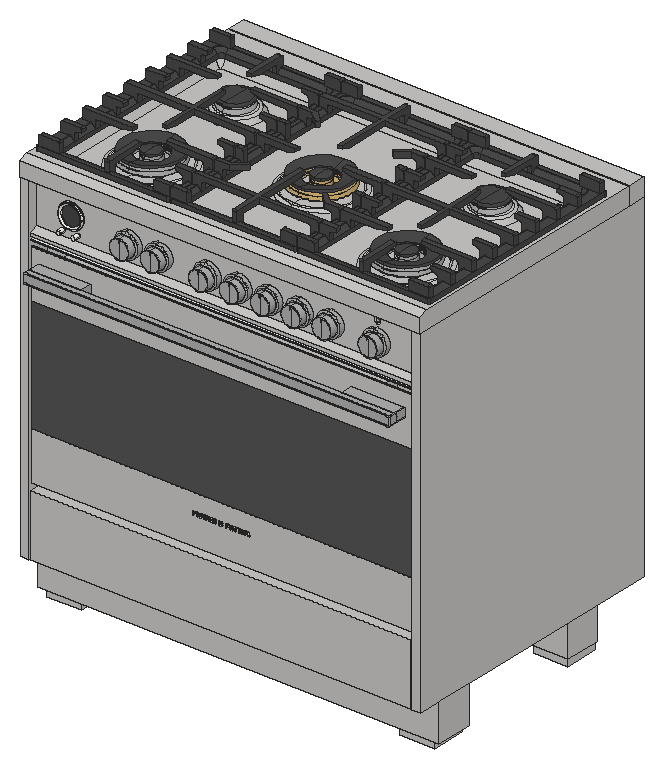
Revit family "FP_Revit_18_OR36SDG6X1_Range_90001022A", category Specialty Equipment, Revit 2018 (continued)
Definition of nested family "F&P Burner Dual Wok"
  Forms (mm)
    Revolve 1, solid, material <- "Material - Body", detail levels fine
      sketch origin (0, 0, 0) x (0, 1, 0) y (0, 0, 1)
        loop
          line (0, 39.67) -> (0, 19.121) -> (37.394, 19.121) -> (37.394, 23.2) -> (66.033, 23.2) -> (67.033, 24.2) -> (65.112, 32.2) -> (63.561, 32.2) -> (61.561, 40.01) -> (36.35, 34.652) -> (36.35, 31.668) -> (39.31, 31.668) -> (39.31, 26.7) -> (36.35, 26.7) -> (36.35, 22.2) -> (21.2, 22.2) -> (21.2, 31.668) -> (18.48, 31.668) -> (18.48, 39.67) -> (0, 39.67)
        axis (0, 40.01) -> (0, 19.121)
      angle from 0 to 360
    Revolve 2, solid, material <- "Material - Burners & Trivets", detail levels fine
      sketch origin (0, 0, 0) x (0, 1, 0) y (0, 0, 1)
        loop
          line (64.958, 44.616) -> (36.353, 36.951) -> (36.353, 34.652) -> (61.561, 40.01) -> (63.997, 40.01) -> (66.045, 40.559) -> (64.958, 44.616)
        loop
          line (0, 45.115) -> (0, 39.67) -> (21.2, 39.67) -> (21.2, 42.433)
          arc (21.2, 42.433) -> (10.684, 44.442) -> (0, 45.115) r 85.151
        axis (0, 45.115) -> (0, 34.652)
      angle from 0 to 360
    Extrusion 3, void
      sketch origin (0, 0, 0) x (1, 0, 0) y (0, 1, 0)
        loop
          arc (-31.085, 20.785) -> (-37.341, -1.988) -> (-28.703, -23.968) r 37.394
          line (-28.703, -23.968) -> (-19.571, -8.151)
          arc (-19.571, -8.151) -> (-20.975, 3.077) -> (-16.404, 13.429) r 21.2
          line (-16.404, 13.429) -> (-16.404, 15.447)
          arc (-16.404, 15.447) -> (-17.093, 17.364) -> (-18.844, 18.406) r 3.015
          line (-18.844, 18.406) -> (-31.085, 20.785)
        loop
          arc (-20.415, -31.33) -> (0, -37.394) -> (20.415, -31.33) r 37.394
          line (20.415, -31.33) -> (12.297, -17.269)
          arc (12.297, -17.269) -> (0, -21.2) -> (-12.297, -17.269) r 21.2
          line (-12.297, -17.269) -> (-20.415, -31.33)
        loop
          line (31.085, 20.785) -> (18.844, 18.406)
          arc (18.844, 18.406) -> (17.093, 17.364) -> (16.404, 15.447) r 3.015
          line (16.404, 15.447) -> (16.404, 13.429)
          arc (16.404, 13.429) -> (20.975, 3.077) -> (19.571, -8.151) r 21.2
          line (19.571, -8.151) -> (28.703, -23.968)
          arc (28.703, -23.968) -> (37.341, -1.988) -> (31.085, 20.785) r 37.394
      from 19.121 to 23.2
    Revolve 4, solid, material <- "Material - Burners & Trivets", detail levels coarse+medium
      sketch origin (0, 0, 0) x (0, 1, 0) y (0, 0, 1)
        loop
          line (-67.134, 45.199) -> (-67.134, 23.2) -> (-36.35, 23.2) -> (-36.35, 36.951) -> (-67.134, 45.199)
        loop
          line (-21.2, 42.433) -> (-21.2, 23.2) -> (0, 23.2) -> (0, 42.433) -> (-21.2, 42.433)
        axis (0, 45.199) -> (0, 23.2)
      angle from 0 to 360
  Cuts and joins
    Extrusion 3 cuts Revolve 2
    Extrusion 3 cuts Revolve 1
  Dimensions and locks
    aligned and locked: level to plane 2
Definition of nested family "F&P Burner Semi Rapid"
  Parameters (values of type "F&P Burner Semi Rapid")
    URL = "www.fisherpaykel.com"
    Material - Burners & Trivets = none
    Material - Body = none
    Manufacturer = "Fisher & Paykel Appliances"
  Reference planes
    plane 1 "Center (Front/Back)": y = 0
    plane 2: z = 0
    plane 3 "Center (Left/Right)": x = 0
  Forms (mm)
    Revolve 1, solid, material <- "Material - Burners & Trivets", detail levels fine
      sketch origin (0, 0, 0) x (0, 1, 0) y (0, 0, 1)
        loop
          line (0, 18.4) -> (0, 21.9) -> (-34.1, 21.9)
          arc (-34.1, 21.9) -> (-36.575, 20.875) -> (-37.6, 18.4) r 3.5
          line (-37.6, 18.4) -> (0, 18.4)
        axis (0, 21.9) -> (0, 18.4)
      angle from 0 to 360
    Revolve 2, solid, material <- "Material - Body", detail levels fine
      sketch origin (0, 0, 0) x (0, 1, 0) y (0, 0, 1)
        loop
          line (0, 18.4) -> (-31, 18.4) -> (-33.046, 11.4) -> (-35, 11.4) -> (-38, 3) -> (0, 3) -> (0, 18.4)
        axis (0, 18.4) -> (0, 3)
      angle from 0 to 360
    Extrusion 3, solid, material <- "Material - Burners & Trivets", detail levels coarse+medium
      sketch origin (0, 0, 0) x (1, 0, 0) y (0, 1, 0)
        loop
          circle (0, 0) r 38
      from 0 to 22
  Dimensions and locks
    aligned and locked: level to plane 2
Definition of nested family "F&P Dial Range Contemporary"
  Parameters (values of type "F&P Dial Range Contemporary")
    URL = "www.fisherpaykel.com"
    Material - Buttons and Dials = none
    Manufacturer = "Fisher & Paykel Appliances"
  Reference planes
    plane 1 "Center (Front/Back)": y = 0
    plane 2: z = 0
    plane 3 "Center (Left/Right)": x = 0
  Forms (mm)
    Revolve 1, solid, material <- "Material - Buttons and Dials", detail levels fine
      sketch origin (0, 0, 0) x (0, 1, 0) y (0, 0, 1)
        loop
          line (0, 0) -> (0, 27.732) -> (-10.5, 27.732) -> (-13, 24.291) -> (-13, 22) -> (-29.2, 22) -> (-30, 21.2) -> (-30, 0) -> (0, 0)
        axis (0, 0) -> (-30, 0)
      angle from 0 to 360
    Revolve 2, solid, material <- "Material - Buttons and Dials", detail levels coarse+medium
      sketch origin (0, 0, 0) x (0, 1, 0) y (0, 0, 1)
        loop
          line (-30, 0) -> (0, 0) -> (0, 27.732) -> (-13, 27.732) -> (-13, 22) -> (-30, 22) -> (-30, 0)
        axis (0, 0) -> (-30, 0)
      angle from 0 to 360
    Extrusion 3, void
      sketch origin (0, 0, 0) x (1, 0, 0) y (0, 1, 0)
        loop
          line (-1, -6) -> (-1, -13) -> (1, -13) -> (1, -6)
          arc (1, -6) -> (0, -5) -> (-1, -6) r 1
      from 27 to 28
    Extrusion 4, void
      sketch origin (0, 0, 0) x (1, 0, 0) y (0, 0, 1)
        loop
          line (-1, 19) -> (-1, 16)
          arc (-1, 16) -> (0, 15) -> (1, 16) r 1
          line (1, 16) -> (1, 19)
          arc (1, 19) -> (0, 20) -> (-1, 19) r 1
      from 29.2 to 30
  Cuts and joins
    Extrusion 3, Extrusion 4 cuts Revolve 1
  Dimensions and locks
    aligned and locked: level to plane 2
Definition of nested family "F&P Clock TFT Range"
  Parameters (values of type "F&P Clock TFT Range")
    URL = "www.fisherpaykel.com"
    Material - Display Panel = none
    Material - Buttons and Dials = none
    Manufacturer = "Fisher & Paykel Appliances"
  Reference planes
    plane 1 "Center (Front/Back)": y = 0
    plane 2: z = 0
    plane 3 "Center (Left/Right)": x = 0
  Forms (mm)
    Revolve 1, solid, material <- "Material - Buttons and Dials", detail levels fine
      sketch origin (0, 0, 0) x (0, 1, 0) y (0, 0, 1)
        loop
          line (0, 21.7) -> (0, 28.597) -> (-1.4, 28.597) -> (-1.4, 27.601) -> (-5.698, 26.843) -> (-5.698, 25.224) -> (-2.5, 21.7) -> (0, 21.7)
        axis (0, 0) -> (-5.698, 0)
      angle from 0 to 360
    Extrusion 2, solid, material <- "Material - Display Panel"
      sketch origin (0, 0, 0) x (1, 0, 0) y (0, 0, 1)
        loop
          circle (0, 0) r 21.7
      from 0 to 1.4
    Extrusion 3, solid, material <- "Material - Buttons and Dials", detail levels fine
      sketch origin (0, 0, 0) x (1, 0, 0) y (0, 0, 1)
        loop
          circle (-17, -33.5) r 2.5
        loop
          circle (17, -33.5) r 2.5
      from 0 to 4.3
    Extrusion 4, solid, material <- "Material - Buttons and Dials"
      sketch origin (0, 0, 0) x (1, 0, 0) y (0, 0, 1)
        loop
          circle (-17, -33.5) r 4.601
        loop
          circle (17, -33.5) r 4.601
      from 4.3 to 16.3
    Extrusion 5, solid, material <- "Material - Buttons and Dials", detail levels coarse+medium
      sketch origin (0, 0, 0) x (1, 0, 0) y (0, 0, 1)
        loop
          circle (0, 0) r 21.7
        loop
          circle (0, 0) r 26.843
      from 0 to 5.698
  Dimensions and locks
    aligned and locked: level to plane 2
Definition of nested family "F&P Trivet Range Classic 36"
  Parameters (values of type "F&P Trivet Range Classic 36")
    URL = "www.fisherpaykel.com"
    Material - Burners & Trivets = none
    Manufacturer = "Fisher & Paykel Appliances"
  Reference planes
    plane 1 "Center (Front/Back)": y = 0
    plane 2: z = 0
    plane 3 "Center (Left/Right)": x = 0
  Forms (mm)
    Extrusion 1, solid, material <- "Material - Burners & Trivets", detail levels medium+fine
      sketch origin (0, 0, 0) x (1, 0, 0) y (0, 1, 0)
        loop
          arc (-298.9, 251.75) -> (-301.728, 250.578) -> (-302.9, 247.75) r 4
          line (-302.9, 247.75) -> (-302.9, -247.75)
          arc (-302.9, -247.75) -> (-301.728, -250.578) -> (-298.9, -251.75) r 4
          line (-298.9, -251.75) -> (-4.9, -251.75)
          arc (-4.9, -251.75) -> (-2.072, -250.578) -> (-0.9, -247.75) r 4
          line (-0.9, -247.75) -> (-0.9, 247.75)
          arc (-0.9, 247.75) -> (-2.072, 250.578) -> (-4.9, 251.75) r 4
          line (-4.9, 251.75) -> (-298.9, 251.75)
        loop
          arc (-31.7, -241.25) -> (-17.558, -235.392) -> (-11.7, -221.25) r 20
          line (-11.7, -221.25) -> (-11.7, 221.25)
          arc (-11.7, 221.25) -> (-17.558, 235.392) -> (-31.7, 241.25) r 20
          line (-31.7, 241.25) -> (-259.31, 241.25)
          arc (-259.31, 241.25) -> (-273.452, 235.392) -> (-279.31, 221.25) r 20
          line (-279.31, 221.25) -> (-279.31, -221.25)
          arc (-279.31, -221.25) -> (-273.452, -235.392) -> (-259.31, -241.25) r 20
          line (-259.31, -241.25) -> (-31.7, -241.25)
      from 9.493 to 19
    Sweep 2, solid, material <- "Material - Burners & Trivets", detail levels medium+fine
      path in 3D
        loop
          arc (-279.31, 221.25, 19) -> (-273.452, 235.392, 19) -> (-259.31, 241.25, 19) r 20
          line (-259.31, 241.25, 19) -> (-31.7, 241.25, 19)
          arc (-31.7, 241.25, 19) -> (-17.558, 235.392, 19) -> (-11.7, 221.25, 19) r 20
          line (-11.7, 221.25, 19) -> (-11.7, -221.25, 19)
          arc (-11.7, -221.25, 19) -> (-17.558, -235.392, 19) -> (-31.7, -241.25, 19) r 20
          line (-31.7, -241.25, 19) -> (-259.31, -241.25, 19)
          arc (-259.31, -241.25, 19) -> (-273.452, -235.392, 19) -> (-279.31, -221.25, 19) r 20
          line (-279.31, -221.25, 19) -> (-279.31, 221.25, 19)
      profile origin (-279.31, 0, 19) x (-1, 0, 0) y (0, 0, 1)
        loop
          line (0, 0) -> (-10.55, -9.507) -> (-10.55, -19) -> (0, -19) -> (0, 0)
    Extrusion 3, solid, material <- "Material - Burners & Trivets", detail levels medium+fine
      sketch origin (0, 0, 0) x (1, 0, 0) y (0, 0, 1)
        loop
          line (-298.89, 19) -> (-279.31, 19) -> (-268.76, 9.493) -> (-268.76, 25.205)
          arc (-268.76, 25.205) -> (-267.798, 28.153) -> (-265.283, 29.967) r 5
          line (-265.283, 29.967) -> (-252.67, 34) -> (-252.67, 39)
          arc (-252.67, 39) -> (-253.549, 41.121) -> (-255.67, 42) r 3
          line (-255.67, 42) -> (-295.89, 42)
          arc (-295.89, 42) -> (-298.011, 41.121) -> (-298.89, 39) r 3
          line (-298.89, 39) -> (-298.89, 19)
        loop
          line (-0.9, 19) -> (-0.9, 39)
          arc (-0.9, 39) -> (-1.779, 41.121) -> (-3.9, 42) r 3
          line (-3.9, 42) -> (-38.33, 42) -> (-38.33, 34) -> (-25.717, 29.967)
          arc (-25.717, 29.967) -> (-23.202, 28.153) -> (-22.24, 25.205) r 5
          line (-22.24, 25.205) -> (-22.24, 9.507) -> (-11.705, 19) -> (-0.9, 19)
      from 174.48 to 185.18
    Extrusion 4, solid, material <- "Material - Burners & Trivets", detail levels medium+fine
      sketch origin (0, 0, 0) x (1, 0, 0) y (0, 0, 1)
        loop
          line (-252.67, 19) -> (-252.67, 39)
          arc (-252.67, 39) -> (-253.549, 41.121) -> (-255.67, 42) r 3
          line (-255.67, 42) -> (-295.89, 42)
          arc (-295.89, 42) -> (-298.011, 41.121) -> (-298.89, 39) r 3
          line (-298.89, 39) -> (-298.89, 19) -> (-252.67, 19)
        loop
          line (-0.9, 19) -> (-0.9, 39)
          arc (-0.9, 39) -> (-1.779, 41.121) -> (-3.9, 42) r 3
          line (-3.9, 42) -> (-35.33, 42)
          arc (-35.33, 42) -> (-37.451, 41.121) -> (-38.33, 39) r 3
          line (-38.33, 39) -> (-38.33, 19) -> (-0.9, 19)
      from 238.25 to 248.23
    Extrusion 5, solid, material <- "Material - Burners & Trivets", detail levels medium+fine
      sketch origin (0, 0, 0) x (1, 0, 0) y (0, 0, 1)
        loop
          line (-298.89, 19) -> (-279.31, 19) -> (-268.76, 9.493) -> (-268.76, 25)
          arc (-268.76, 25) -> (-267.296, 28.536) -> (-263.76, 30) r 5
          line (-263.76, 30) -> (-208.4, 30) -> (-183.4, 35.5) -> (-183.4, 42) -> (-295.89, 42)
          arc (-295.89, 42) -> (-298.011, 41.121) -> (-298.89, 39) r 3
          line (-298.89, 39) -> (-298.89, 19)
        loop
          line (-0.9, 19) -> (-0.9, 39)
          arc (-0.9, 39) -> (-1.779, 41.121) -> (-3.9, 42) r 3
          line (-3.9, 42) -> (-107.6, 42) -> (-107.6, 35.5) -> (-82.6, 30) -> (-27.24, 30)
          arc (-27.24, 30) -> (-23.704, 28.536) -> (-22.24, 25) r 5
          line (-22.24, 25) -> (-22.24, 9.507) -> (-11.705, 19) -> (-0.9, 19)
      from 114.52 to 125.22
    Extrusion 6, solid, material <- "Material - Burners & Trivets", detail levels medium+fine
      sketch origin (0, 0, 0) x (0, 1, 0) y (0, 0, 1)
        loop
          line (-230.721, 9.512) -> (-230.721, 25)
          arc (-230.721, 25) -> (-229.257, 28.536) -> (-225.721, 30) r 5
          line (-225.721, 30) -> (-182.46, 30) -> (-157.46, 35.5) -> (-157.46, 42) -> (-243.58, 42)
          arc (-243.58, 42) -> (-245.701, 41.121) -> (-246.58, 39) r 3
          line (-246.58, 39) -> (-246.58, 19) -> (-241.25, 19) -> (-230.721, 9.512)
        loop
          line (-5.82, 30) -> (-5.82, 42) -> (-82.12, 42) -> (-82.12, 35.5) -> (-57.12, 30) -> (-5.82, 30)
        loop
          line (230.721, 9.514) -> (241.248, 19) -> (246.58, 19) -> (246.58, 39)
          arc (246.58, 39) -> (245.701, 41.121) -> (243.58, 42) r 3
          line (243.58, 42) -> (157.46, 42) -> (157.46, 35.5) -> (182.46, 30) -> (225.721, 30)
          arc (225.721, 30) -> (229.257, 28.536) -> (230.721, 25) r 5
          line (230.721, 25) -> (230.721, 9.514)
        loop
          line (5.82, 30) -> (57.12, 30) -> (82.12, 35.5) -> (82.12, 42) -> (5.82, 42) -> (5.82, 30)
      from -150.604 to -140.396
    Extrusion 7, solid, material <- "Material - Burners & Trivets", detail levels medium+fine
      sketch origin (0, 0, 0) x (1, 0, 0) y (0, 0, 1)
        loop
          line (-298.89, 19) -> (-279.31, 19) -> (-268.76, 9.493) -> (-268.76, 25)
          arc (-268.76, 25) -> (-267.296, 28.536) -> (-263.76, 30) r 5
          line (-263.76, 30) -> (-27.24, 30)
          arc (-27.24, 30) -> (-23.704, 28.536) -> (-22.24, 25) r 5
          line (-22.24, 25) -> (-22.24, 9.507) -> (-11.705, 19) -> (-0.9, 19) -> (-0.9, 39)
          arc (-0.9, 39) -> (-1.779, 41.121) -> (-3.9, 42) r 3
          line (-3.9, 42) -> (-293.89, 42)
          arc (-293.89, 42) -> (-297.426, 40.536) -> (-298.89, 37) r 5
          line (-298.89, 37) -> (-298.89, 19)
      from -5.82 to 5.82
    Extrusion 8, solid, material <- "Material - Burners & Trivets", detail levels coarse
      sketch origin (0, 0, 0) x (1, 0, 0) y (0, 1, 0)
        loop
          line (-302.9, 251.75) -> (-302.9, -251.75) -> (-0.9, -251.75) -> (-0.9, 251.75) -> (-302.9, 251.75)
        loop
          line (-268.76, 230.7) -> (-268.76, -230.7) -> (-22.25, -230.7) -> (-22.25, 230.7) -> (-268.76, 230.7)
      from 9.493 to 19
    Extrusion 9, solid, detail levels coarse
      sketch origin (0, 0, 0) x (1, 0, 0) y (0, 1, 0)
        loop
          line (-150.604, 246.58) -> (-150.604, 125.22) -> (-298.89, 125.22) -> (-298.89, 114.52) -> (-150.604, 114.52) -> (-150.604, 5.82) -> (-298.89, 5.82) -> (-298.89, -5.82) -> (-150.604, -5.82) -> (-150.604, -114.52) -> (-298.89, -114.52) -> (-298.89, -125.22) -> (-150.604, -125.22) -> (-150.604, -246.58) -> (-140.396, -246.58) -> (-140.396, -125.22) -> (-0.9, -125.22) -> (-0.9, -114.52) -> (-140.396, -114.52) -> (-140.396, -5.82) -> (-0.9, -5.82) -> (-0.9, 5.82) -> (-140.396, 5.82) -> (-140.396, 114.52) -> (-0.9, 114.52) -> (-0.9, 125.22) -> (-140.396, 125.22) -> (-140.396, 246.58) -> (-150.604, 246.58)
      from 29.967 to 42
    Extrusion 10, solid, material <- "Material - Burners & Trivets", detail levels medium+fine
      sketch origin (0, 0, 0) x (1, 0, 0) y (0, 0, 1)
        loop
          line (-298.89, 19) -> (-279.31, 19) -> (-268.76, 9.493) -> (-268.76, 25.205)
          arc (-268.76, 25.205) -> (-267.798, 28.153) -> (-265.283, 29.967) r 5
          line (-265.283, 29.967) -> (-252.67, 34) -> (-252.67, 39)
          arc (-252.67, 39) -> (-253.549, 41.121) -> (-255.67, 42) r 3
          line (-255.67, 42) -> (-295.89, 42)
          arc (-295.89, 42) -> (-298.011, 41.121) -> (-298.89, 39) r 3
          line (-298.89, 39) -> (-298.89, 19)
        loop
          line (-0.9, 19) -> (-0.9, 39)
          arc (-0.9, 39) -> (-1.779, 41.121) -> (-3.9, 42) r 3
          line (-3.9, 42) -> (-38.33, 42) -> (-38.33, 34) -> (-25.717, 29.967)
          arc (-25.717, 29.967) -> (-23.202, 28.153) -> (-22.24, 25.205) r 5
          line (-22.24, 25.205) -> (-22.24, 9.507) -> (-11.705, 19) -> (-0.9, 19)
      from 54.94 to 65.64
    Extrusion 11, solid, material <- "Material - Burners & Trivets", detail levels medium+fine
      sketch origin (0, 0, 0) x (1, 0, 0) y (0, 0, -1)
        loop
          line (-298.89, -19) -> (-298.89, -39)
          arc (-298.89, -39) -> (-298.011, -41.121) -> (-295.89, -42) r 3
          line (-295.89, -42) -> (-255.67, -42)
          arc (-255.67, -42) -> (-253.549, -41.121) -> (-252.67, -39) r 3
          line (-252.67, -39) -> (-252.67, -34) -> (-265.283, -29.967)
          arc (-265.283, -29.967) -> (-267.798, -28.153) -> (-268.76, -25.205) r 5
          line (-268.76, -25.205) -> (-268.76, -9.493) -> (-279.31, -19) -> (-298.89, -19)
        loop
          line (-0.9, -19) -> (-11.705, -19) -> (-22.24, -9.507) -> (-22.24, -25.205)
          arc (-22.24, -25.205) -> (-23.202, -28.153) -> (-25.717, -29.967) r 5
          line (-25.717, -29.967) -> (-38.33, -34) -> (-38.33, -42) -> (-3.9, -42)
          arc (-3.9, -42) -> (-1.779, -41.121) -> (-0.9, -39) r 3
          line (-0.9, -39) -> (-0.9, -19)
      from 174.48 to 185.18
    Extrusion 12, solid, material <- "Material - Burners & Trivets", detail levels medium+fine
      sketch origin (0, 0, 0) x (1, 0, 0) y (0, 0, -1)
        loop
          line (-298.89, -19) -> (-298.89, -39)
          arc (-298.89, -39) -> (-298.011, -41.121) -> (-295.89, -42) r 3
          line (-295.89, -42) -> (-183.4, -42) -> (-183.4, -35.5) -> (-208.4, -30) -> (-263.76, -30)
          arc (-263.76, -30) -> (-267.296, -28.536) -> (-268.76, -25) r 5
          line (-268.76, -25) -> (-268.76, -9.493) -> (-279.31, -19) -> (-298.89, -19)
        loop
          line (-0.9, -19) -> (-11.705, -19) -> (-22.24, -9.507) -> (-22.24, -25)
          arc (-22.24, -25) -> (-23.704, -28.536) -> (-27.24, -30) r 5
          line (-27.24, -30) -> (-82.6, -30) -> (-107.6, -35.5) -> (-107.6, -42) -> (-3.9, -42)
          arc (-3.9, -42) -> (-1.779, -41.121) -> (-0.9, -39) r 3
          line (-0.9, -39) -> (-0.9, -19)
      from 114.52 to 125.22
    Extrusion 13, solid, material <- "Material - Burners & Trivets", detail levels medium+fine
      sketch origin (0, 0, 0) x (1, 0, 0) y (0, 0, -1)
        loop
          line (-298.89, -19) -> (-298.89, -39)
          arc (-298.89, -39) -> (-298.011, -41.121) -> (-295.89, -42) r 3
          line (-295.89, -42) -> (-255.67, -42)
          arc (-255.67, -42) -> (-253.549, -41.121) -> (-252.67, -39) r 3
          line (-252.67, -39) -> (-252.67, -34) -> (-265.283, -29.967)
          arc (-265.283, -29.967) -> (-267.798, -28.153) -> (-268.76, -25.205) r 5
          line (-268.76, -25.205) -> (-268.76, -9.493) -> (-279.31, -19) -> (-298.89, -19)
        loop
          line (-0.9, -19) -> (-11.705, -19) -> (-22.24, -9.507) -> (-22.24, -25.205)
          arc (-22.24, -25.205) -> (-23.202, -28.153) -> (-25.717, -29.967) r 5
          line (-25.717, -29.967) -> (-38.33, -34) -> (-38.33, -42) -> (-3.9, -42)
          arc (-3.9, -42) -> (-1.779, -41.121) -> (-0.9, -39) r 3
          line (-0.9, -39) -> (-0.9, -19)
      from 54.94 to 65.64
    Extrusion 14, solid, material <- "Material - Burners & Trivets", detail levels medium+fine
      sketch origin (0, 0, 0) x (1, 0, 0) y (0, 0, -1)
        loop
          line (-252.67, -19) -> (-298.89, -19) -> (-298.89, -39)
          arc (-298.89, -39) -> (-298.011, -41.121) -> (-295.89, -42) r 3
          line (-295.89, -42) -> (-255.67, -42)
          arc (-255.67, -42) -> (-253.549, -41.121) -> (-252.67, -39) r 3
          line (-252.67, -39) -> (-252.67, -19)
        loop
          line (-0.9, -19) -> (-38.33, -19) -> (-38.33, -39)
          arc (-38.33, -39) -> (-37.451, -41.121) -> (-35.33, -42) r 3
          line (-35.33, -42) -> (-3.9, -42)
          arc (-3.9, -42) -> (-1.779, -41.121) -> (-0.9, -39) r 3
          line (-0.9, -39) -> (-0.9, -19)
      from 238.25 to 248.23
  Cuts and joins
    joined: Extrusion 6, Extrusion 7
  Lines and regions (mm)
    sketch lines
      curve 1: line (-279.31, -221.25, 19) -> (-279.31, 221.25, 19)
      curve 2: arc (-279.31, -221.25, 19) -> (-273.452, -235.392, 19) -> (-259.31, -241.25, 19) r 20
      curve 3: line (-31.7, -241.25, 19) -> (-259.31, -241.25, 19)
      curve 4: line (-11.7, 221.25, 19) -> (-11.7, -221.25, 19)
      curve 5: arc (-31.7, -241.25, 19) -> (-17.558, -235.392, 19) -> (-11.7, -221.25, 19) r 20
      curve 6: arc (-11.7, 221.25, 19) -> (-17.558, 235.392, 19) -> (-31.7, 241.25, 19) r 20
      curve 7: line (-259.31, 241.25, 19) -> (-31.7, 241.25, 19)
      curve 8: arc (-259.31, 241.25, 19) -> (-273.452, 235.392, 19) -> (-279.31, 221.25, 19) r 20
  Dimensions and locks
    aligned and locked: level to plane 2
Definition of nested family "F&P Trivet Range Classic Centre 36"
  Parameters (values of type "F&P Trivet Range Classic Centre 36")
    URL = "www.fisherpaykel.com"
    Material - Burners & Trivets = none
    Manufacturer = "Fisher & Paykel Appliances"
  Reference planes
    plane 1 "Center (Front/Back)": y = 0
    plane 2: z = 0
    plane 3 "Center (Left/Right)": x = 0
  Forms (mm)
    Extrusion 1, solid, material <- "Material - Burners & Trivets", detail levels medium+fine
      sketch origin (0, 0, 0) x (1, 0, 0) y (0, 1, 0)
        loop
          arc (-139, 251.75) -> (-141.828, 250.578) -> (-143, 247.75) r 4
          line (-143, 247.75) -> (-143, -247.75)
          arc (-143, -247.75) -> (-141.828, -250.578) -> (-139, -251.75) r 4
          line (-139, -251.75) -> (139, -251.75)
          arc (139, -251.75) -> (141.828, -250.578) -> (143, -247.75) r 4
          line (143, -247.75) -> (143, 247.75)
          arc (143, 247.75) -> (141.828, 250.578) -> (139, 251.75) r 4
          line (139, 251.75) -> (-139, 251.75)
        loop
          arc (115.32, -241.25) -> (129.462, -235.392) -> (135.32, -221.25) r 20
          line (135.32, -221.25) -> (135.32, 221.25)
          arc (135.32, 221.25) -> (129.462, 235.392) -> (115.32, 241.25) r 20
          line (115.32, 241.25) -> (-115.23, 241.25)
          arc (-115.23, 241.25) -> (-129.372, 235.392) -> (-135.23, 221.25) r 20
          line (-135.23, 221.25) -> (-135.23, -221.25)
          arc (-135.23, -221.25) -> (-129.372, -235.392) -> (-115.23, -241.25) r 20
          line (-115.23, -241.25) -> (115.32, -241.25)
      from 9.493 to 19
    Sweep 2, solid, material <- "Material - Burners & Trivets", detail levels medium+fine
      path in 3D
        loop
          arc (-135.23, 221.25, 19) -> (-129.372, 235.392, 19) -> (-115.23, 241.25, 19) r 20
          line (-115.23, 241.25, 19) -> (115.32, 241.25, 19)
          arc (115.32, 241.25, 19) -> (129.462, 235.392, 19) -> (135.32, 221.25, 19) r 20
          line (135.32, 221.25, 19) -> (135.32, -221.25, 19)
          arc (135.32, -221.25, 19) -> (129.462, -235.392, 19) -> (115.32, -241.25, 19) r 20
          line (115.32, -241.25, 19) -> (-115.23, -241.25, 19)
          arc (-115.23, -241.25, 19) -> (-129.372, -235.392, 19) -> (-135.23, -221.25, 19) r 20
          line (-135.23, -221.25, 19) -> (-135.23, 221.25, 19)
      profile origin (-135.23, 0, 19) x (-1, 0, 0) y (0, 0, 1)
        loop
          line (0, 0) -> (-10.55, -9.507) -> (-10.55, -19) -> (0, -19) -> (0, 0)
    Extrusion 3, solid, material <- "Material - Burners & Trivets", detail levels medium+fine
      sketch origin (0, 0, 0) x (1, 0, 0) y (0, 0, 1)
        loop
          line (-143, 19) -> (-135.221, 19) -> (-124.671, 9.493) -> (-124.671, 39)
          arc (-124.671, 39) -> (-125.549, 41.121) -> (-127.671, 42) r 3
          line (-127.671, 42) -> (-140, 42)
          arc (-140, 42) -> (-142.121, 41.121) -> (-143, 39) r 3
          line (-143, 39) -> (-143, 19)
        loop
          line (143, 19) -> (143, 39)
          arc (143, 39) -> (142.121, 41.121) -> (140, 42) r 3
          line (140, 42) -> (127.77, 42)
          arc (127.77, 42) -> (125.649, 41.121) -> (124.77, 39) r 3
          line (124.77, 39) -> (124.77, 9.507) -> (135.305, 19) -> (143, 19)
      from 54.96 to 65.66
    Extrusion 4, solid, material <- "Material - Burners & Trivets", detail levels medium+fine
      sketch origin (0, 0, 0) x (1, 0, 0) y (0, 0, 1)
        loop
          line (-106.97, 19) -> (-106.97, 39)
          arc (-106.97, 39) -> (-107.849, 41.121) -> (-109.97, 42) r 3
          line (-109.97, 42) -> (-140, 42)
          arc (-140, 42) -> (-142.121, 41.121) -> (-143, 39) r 3
          line (-143, 39) -> (-143, 19) -> (-106.97, 19)
        loop
          line (143, 19) -> (143, 39)
          arc (143, 39) -> (142.121, 41.121) -> (140, 42) r 3
          line (140, 42) -> (109.97, 42)
          arc (109.97, 42) -> (107.849, 41.121) -> (106.97, 39) r 3
          line (106.97, 39) -> (106.97, 19) -> (143, 19)
      from 238.25 to 248.23
    Extrusion 5, solid, material <- "Material - Burners & Trivets", detail levels medium+fine
      sketch origin (0, 0, 0) x (1, 0, 0) y (0, 0, 1)
        loop
          line (-143, 19) -> (-135.221, 19) -> (-124.671, 9.493) -> (-124.671, 25)
          arc (-124.671, 25) -> (-123.206, 28.536) -> (-119.671, 30) r 5
          line (-119.671, 30) -> (-74.5, 30) -> (-54.5, 36) -> (-54.5, 42) -> (-140, 42)
          arc (-140, 42) -> (-142.121, 41.121) -> (-143, 39) r 3
          line (-143, 39) -> (-143, 19)
        loop
          line (143, 19) -> (143, 39)
          arc (143, 39) -> (142.121, 41.121) -> (140, 42) r 3
          line (140, 42) -> (54.5, 42) -> (54.5, 36) -> (74.5, 30) -> (119.77, 30)
          arc (119.77, 30) -> (123.306, 28.536) -> (124.77, 25) r 5
          line (124.77, 25) -> (124.77, 9.507) -> (135.305, 19) -> (143, 19)
      from -5.82 to 5.82
    Extrusion 6, solid, material <- "Material - Burners & Trivets", detail levels medium+fine
      sketch origin (0, 0, 0) x (0, 1, 0) y (0, 0, 1)
        loop
          line (-230.721, 9.512) -> (-230.721, 25)
          arc (-230.721, 25) -> (-229.257, 28.536) -> (-225.721, 30) r 5
          line (-225.721, 30) -> (-185.18, 30) -> (-185.18, 42) -> (-243.58, 42)
          arc (-243.58, 42) -> (-245.701, 41.121) -> (-246.58, 39) r 3
          line (-246.58, 39) -> (-246.58, 19) -> (-241.25, 19) -> (-230.721, 9.512)
        loop
          line (-54.5, 35.961) -> (-54.5, 42) -> (-174.48, 42) -> (-174.48, 30) -> (-74.241, 30) -> (-54.5, 35.961)
        loop
          line (230.721, 9.514) -> (241.248, 19) -> (246.58, 19) -> (246.58, 39)
          arc (246.58, 39) -> (245.701, 41.121) -> (243.58, 42) r 3
          line (243.58, 42) -> (185.18, 42) -> (185.18, 30) -> (225.721, 30)
          arc (225.721, 30) -> (229.257, 28.536) -> (230.721, 25) r 5
          line (230.721, 25) -> (230.721, 9.514)
        loop
          line (54.5, 36) -> (74.349, 30) -> (174.48, 30) -> (174.48, 42) -> (54.5, 42) -> (54.5, 36)
      from -5.104 to 5.104
    Extrusion 7, solid, material <- "Material - Burners & Trivets", detail levels medium+fine
      sketch origin (0, 0, 0) x (1, 0, 0) y (0, 0, 1)
        loop
          line (-143, 19) -> (-135.221, 19) -> (-124.671, 9.493) -> (-124.671, 25)
          arc (-124.671, 25) -> (-123.206, 28.536) -> (-119.671, 30) r 5
          line (-119.671, 30) -> (-112.17, 30) -> (-112.17, 42) -> (-140, 42)
          arc (-140, 42) -> (-142.121, 41.121) -> (-143, 39) r 3
          line (-143, 39) -> (-143, 19)
        loop
          line (140, 42) -> (112.17, 42) -> (112.17, 30) -> (119.77, 30)
          arc (119.77, 30) -> (123.306, 28.536) -> (124.77, 25) r 5
          line (124.77, 25) -> (124.77, 9.507) -> (135.305, 19) -> (143, 19) -> (143, 39)
          arc (143, 39) -> (142.121, 41.121) -> (140, 42) r 3
      from 114.52 to 125.22
    Extrusion 8, solid, material <- "Material - Burners & Trivets", detail levels coarse
      sketch origin (0, 0, 0) x (1, 0, 0) y (0, 1, 0)
        loop
          line (-143, 251.75) -> (-143, -251.75) -> (143, -251.75) -> (143, 251.75) -> (-143, 251.75)
        loop
          line (-124.671, 230.7) -> (-124.671, -230.7) -> (124.77, -230.7) -> (124.77, 230.7) -> (-124.671, 230.7)
      from 9.493 to 19
    Extrusion 9, solid, detail levels coarse
      sketch origin (0, 0, 0) x (1, 0, 0) y (0, 1, 0)
        loop
          line (-5.104, 246.58) -> (-5.104, 125.22) -> (-143, 125.22) -> (-143, 114.52) -> (-5.104, 114.52) -> (-5.104, 5.82) -> (-143, 5.82) -> (-143, -5.82) -> (-5.104, -5.82) -> (-5.104, -114.52) -> (-143, -114.52) -> (-143, -125.22) -> (-5.104, -125.22) -> (-5.104, -246.58) -> (5.104, -246.58) -> (5.104, -125.22) -> (143, -125.22) -> (143, -114.52) -> (5.104, -114.52) -> (5.104, -5.82) -> (143, -5.82) -> (143, 5.82) -> (5.104, 5.82) -> (5.104, 114.52) -> (143, 114.52) -> (143, 125.22) -> (5.104, 125.22) -> (5.104, 246.58) -> (-5.104, 246.58)
      from 29.967 to 42
    Extrusion 10, solid, material <- "Material - Burners & Trivets", detail levels medium+fine
      sketch origin (0, 0, 0) x (1, 0, 0) y (0, 0, 1)
        loop
          line (-143, 19) -> (-135.221, 19) -> (-124.671, 9.493) -> (-124.671, 25)
          arc (-124.671, 25) -> (-123.206, 28.536) -> (-119.671, 30) r 5
          line (-119.671, 30) -> (119.77, 30)
          arc (119.77, 30) -> (123.306, 28.536) -> (124.77, 25) r 5
          line (124.77, 25) -> (124.77, 9.507) -> (135.305, 19) -> (143, 19) -> (143, 39)
          arc (143, 39) -> (142.121, 41.121) -> (140, 42) r 3
          line (140, 42) -> (-140, 42)
          arc (-140, 42) -> (-142.121, 41.121) -> (-143, 39) r 3
          line (-143, 39) -> (-143, 19)
      from 174.48 to 185.18
    Extrusion 11, solid, material <- "Material - Burners & Trivets", detail levels medium+fine
      sketch origin (0, 0, 0) x (1, 0, 0) y (0, 1, 0)
        loop
          line (-112.17, -114.52) -> (-112.17, -125.22) -> (-108.846, -125.22) -> (-83.515, -99.889) -> (-88.797, -94.607) -> (-112.17, -114.52)
        loop
          line (112.17, -114.52) -> (88.797, -94.607) -> (83.515, -99.889) -> (108.846, -125.22) -> (112.17, -125.22) -> (112.17, -114.52)
      from 30 to 42
    Extrusion 12, solid, material <- "Material - Burners & Trivets", detail levels medium+fine
      sketch origin (0, 0, 0) x (1, 0, 0) y (0, 0, -1)
        loop
          line (-143, -19) -> (-143, -39)
          arc (-143, -39) -> (-142.121, -41.121) -> (-140, -42) r 3
          line (-140, -42) -> (-127.671, -42)
          arc (-127.671, -42) -> (-125.549, -41.121) -> (-124.671, -39) r 3
          line (-124.671, -39) -> (-124.671, -9.493) -> (-135.221, -19) -> (-143, -19)
        loop
          line (143, -19) -> (135.305, -19) -> (124.77, -9.507) -> (124.77, -39)
          arc (124.77, -39) -> (125.649, -41.121) -> (127.77, -42) r 3
          line (127.77, -42) -> (140, -42)
          arc (140, -42) -> (142.121, -41.121) -> (143, -39) r 3
          line (143, -39) -> (143, -19)
      from 54.96 to 65.66
    Extrusion 13, solid, material <- "Material - Burners & Trivets", detail levels medium+fine
      sketch origin (0, 0, 0) x (1, 0, 0) y (0, 0, -1)
        loop
          line (-106.97, -19) -> (-143, -19) -> (-143, -39)
          arc (-143, -39) -> (-142.121, -41.121) -> (-140, -42) r 3
          line (-140, -42) -> (-109.97, -42)
          arc (-109.97, -42) -> (-107.849, -41.121) -> (-106.97, -39) r 3
          line (-106.97, -39) -> (-106.97, -19)
        loop
          line (143, -19) -> (106.97, -19) -> (106.97, -39)
          arc (106.97, -39) -> (107.849, -41.121) -> (109.97, -42) r 3
          line (109.97, -42) -> (140, -42)
          arc (140, -42) -> (142.121, -41.121) -> (143, -39) r 3
          line (143, -39) -> (143, -19)
      from 238.25 to 248.23
    Extrusion 14, solid, material <- "Material - Burners & Trivets", detail levels medium+fine
      sketch origin (0, 0, 0) x (1, 0, 0) y (0, 0, -1)
        loop
          line (-143, -19) -> (-143, -39)
          arc (-143, -39) -> (-142.121, -41.121) -> (-140, -42) r 3
          line (-140, -42) -> (140, -42)
          arc (140, -42) -> (142.121, -41.121) -> (143, -39) r 3
          line (143, -39) -> (143, -19) -> (135.305, -19) -> (124.77, -9.507) -> (124.77, -25)
          arc (124.77, -25) -> (123.306, -28.536) -> (119.77, -30) r 5
          line (119.77, -30) -> (-119.671, -30)
          arc (-119.671, -30) -> (-123.206, -28.536) -> (-124.671, -25) r 5
          line (-124.671, -25) -> (-124.671, -9.493) -> (-135.221, -19) -> (-143, -19)
      from 174.48 to 185.18
    Extrusion 15, solid, material <- "Material - Burners & Trivets", detail levels medium+fine
      sketch origin (0, 0, 0) x (1, 0, 0) y (0, 1, 0)
        loop
          line (-112.17, 114.52) -> (-88.797, 94.607) -> (-83.515, 99.889) -> (-108.846, 125.22) -> (-112.17, 125.22) -> (-112.17, 114.52)
        loop
          line (112.17, 114.52) -> (112.17, 125.22) -> (108.846, 125.22) -> (83.515, 99.889) -> (88.797, 94.607) -> (112.17, 114.52)
      from 30 to 42
    Extrusion 16, solid, material <- "Material - Burners & Trivets", detail levels medium+fine
      sketch origin (0, 0, 0) x (1, 0, 0) y (0, 0, -1)
        loop
          line (-143, -19) -> (-143, -39)
          arc (-143, -39) -> (-142.121, -41.121) -> (-140, -42) r 3
          line (-140, -42) -> (-112.17, -42) -> (-112.17, -30) -> (-119.671, -30)
          arc (-119.671, -30) -> (-123.206, -28.536) -> (-124.671, -25) r 5
          line (-124.671, -25) -> (-124.671, -9.493) -> (-135.221, -19) -> (-143, -19)
        loop
          arc (140, -42) -> (142.121, -41.121) -> (143, -39) r 3
          line (143, -39) -> (143, -19) -> (135.305, -19) -> (124.77, -9.507) -> (124.77, -25)
          arc (124.77, -25) -> (123.306, -28.536) -> (119.77, -30) r 5
          line (119.77, -30) -> (112.17, -30) -> (112.17, -42) -> (140, -42)
      from 114.52 to 125.22
  Cuts and joins
    joined: Extrusion 6, Extrusion 7, Extrusion 10, Extrusion 11, Extrusion 14
    joined: Extrusion 15, Extrusion 16
  Lines and regions (mm)
    sketch lines
      curve 1: line (-135.23, -221.25, 19) -> (-135.23, 221.25, 19)
      curve 2: arc (-135.23, -221.25, 19) -> (-129.372, -235.392, 19) -> (-115.23, -241.25, 19) r 20
      curve 3: line (115.32, -241.25, 19) -> (-115.23, -241.25, 19)
      curve 4: line (135.32, 221.25, 19) -> (135.32, -221.25, 19)
      curve 5: arc (115.32, -241.25, 19) -> (129.462, -235.392, 19) -> (135.32, -221.25, 19) r 20
      curve 6: arc (135.32, 221.25, 19) -> (129.462, 235.392, 19) -> (115.32, 241.25, 19) r 20
      curve 7: line (-115.23, 241.25, 19) -> (115.32, 241.25, 19)
      curve 8: arc (-115.23, 241.25, 19) -> (-129.372, 235.392, 19) -> (-135.23, 221.25, 19) r 20
  Dimensions and locks
    aligned and locked: level to plane 2
Definition of nested family "F&P Handle Contemporary OR30-36"
  Parameters (values of type "30"")
    URL = "www.fisherpaykel.com"
    Product - Width = 710 mm
    Model = ""
    Material - Handle = none
    Manufacturer = "Fisher & Paykel Appliances"
    Keynote = ""
    Description = ""
  Types (3, lengths in mm): name | Product - Width
    (no name) | 710
    36" | 834
    30" | 710
  Reference planes
    plane 1 "Center (Front/Back)": y = 0
    plane 2: z = 0
    plane 3 "Center (Left/Right)": x = 0
    plane 4 "Product LHS": x = -355
    plane 5 "Product RHS": x = 355
  Forms (mm)
    Extrusion 1, solid, material <- "Material - Handle", detail levels fine
      sketch origin (0, 0, 30.1) x (0, 1, 0) y (0, 0, 1)
        loop
          arc (-25.32, 688.263) -> (-20.3, 677.063) -> (-25.32, 665.863) r 15.003
          line (-25.32, 665.863) -> (4.5, 665.863) -> (4.5, 688.263) -> (-25.32, 688.263)
      from 355 to 235
    Extrusion 2, solid, material <- "Material - Handle", detail levels fine
      sketch origin (0, 0, 30.1) x (0, 1, 0) y (0, 0, 1)
        loop
          line (-25.869, 688.563) -> (-37.028, 688.563)
          arc (-37.028, 688.563) -> (-38.776, 687.838) -> (-39.5, 686.09) r 2.472
          line (-39.5, 686.09) -> (-39.5, 668.098)
          arc (-39.5, 668.098) -> (-38.758, 666.305) -> (-36.965, 665.563) r 2.535
          line (-36.965, 665.563) -> (-25.869, 665.563)
          arc (-25.869, 665.563) -> (-20.572, 677.063) -> (-25.869, 688.563) r 15.131
      from -355 to 355
    Extrusion 3, solid, material <- "Material - Handle", detail levels fine
      sketch origin (0, 0, 30.1) x (0, 1, 0) y (0, 0, 1)
        loop
          arc (-25.32, 688.263) -> (-20.3, 677.063) -> (-25.32, 665.863) r 15.003
          line (-25.32, 665.863) -> (4.5, 665.863) -> (4.5, 688.263) -> (-25.32, 688.263)
      from -235 to -355
    Sweep 4, void
      path in 3D
        loop
          line (355, -25.869, 718.663) -> (355, -37.028, 718.663)
          arc (355, -37.028, 718.663) -> (355, -38.776, 717.938) -> (355, -39.5, 716.19) r 2.472
          line (355, -39.5, 716.19) -> (355, -39.5, 698.198)
          arc (355, -39.5, 698.198) -> (355, -38.758, 696.405) -> (355, -36.965, 695.663) r 2.535
          line (355, -36.965, 695.663) -> (355, -25.869, 695.663)
      profile origin (355, -31.449, 718.663) x (1, 0, 0) y (0, 0, 1)
        loop
          line (0, 0) -> (-2, 0) -> (0, -2) -> (0, 0)
    Extrusion 5, void
      sketch origin (0, 0, 0) x (1, 0, 0) y (0, 0, 1)
        loop
          line (353, 718.663) -> (355, 716.663) -> (355, 718.663) -> (353, 718.663)
        loop
          line (353, 695.663) -> (355, 695.663) -> (355, 697.663) -> (353, 695.663)
      from -4.5 to 25.869
    Sweep 6, void
      path in 3D
        loop
          line (-355, -25.869, 695.663) -> (-355, -36.965, 695.663)
          arc (-355, -36.965, 695.663) -> (-355, -38.758, 696.405) -> (-355, -39.5, 698.198) r 2.535
          line (-355, -39.5, 698.198) -> (-355, -39.5, 716.19)
          arc (-355, -39.5, 716.19) -> (-355, -38.776, 717.938) -> (-355, -37.028, 718.663) r 2.472
          line (-355, -37.028, 718.663) -> (-355, -25.869, 718.663)
      profile origin (-355, -31.449, 718.663) x (-1, 0, 0) y (0, 0, 1)
        loop
          line (0, 0) -> (-2, 0) -> (0, -2) -> (0, 0)
    Extrusion 7, void
      sketch origin (0, 0, 0) x (1, 0, 0) y (0, 0, 1)
        loop
          line (-353, 718.663) -> (-355, 718.663) -> (-355, 716.663) -> (-353, 718.663)
        loop
          line (-355, 697.663) -> (-355, 695.663) -> (-353, 695.663) -> (-355, 697.663)
      from -4.5 to 25.869
    Extrusion 8, solid, material <- "Material - Handle", detail levels coarse+medium
      sketch origin (0, 0, 0) x (1, 0, 0) y (0, 1, 0)
        loop
          line (355, 4.5) -> (235, 4.5) -> (235, -20.3) -> (-235, -20.3) -> (-235, 4.5) -> (-355, 4.5) -> (-355, -39.5) -> (355, -39.5) -> (355, 4.5)
      from 695.663 to 718.663
  Cuts and joins
    Sweep 4, Extrusion 5, Sweep 6, Extrusion 7 cuts Extrusion 2
    Extrusion 5 cuts Extrusion 1
    Extrusion 7 cuts Extrusion 3
  Lines and regions (mm)
    sketch lines
      curve 1: line (355, -25.869, 718.663) -> (355, -37.028, 718.663)
      curve 2: arc (355, -39.5, 716.19) -> (355, -38.776, 717.938) -> (355, -37.028, 718.663) r 2.472
      curve 3: line (355, -39.5, 716.19) -> (355, -39.5, 698.198)
      curve 4: arc (355, -36.965, 695.663) -> (355, -38.758, 696.405) -> (355, -39.5, 698.198) r 2.535
      curve 5: line (355, -36.965, 695.663) -> (355, -25.869, 695.663)
      curve 6: line (-355, -37.028, 718.663) -> (-355, -25.869, 718.663)
      curve 7: arc (-355, -37.028, 718.663) -> (-355, -38.776, 717.938) -> (-355, -39.5, 716.19) r 2.472
      curve 8: line (-355, -39.5, 698.198) -> (-355, -39.5, 716.19)
      curve 9: arc (-355, -39.5, 698.198) -> (-355, -38.758, 696.405) -> (-355, -36.965, 695.663) r 2.535
      curve 10: line (-355, -25.869, 695.663) -> (-355, -36.965, 695.663)
  Text (mm)
    text "Disclaimer:\nWe endevour to maintian the accuracy of our 3D content.\nHowever, product details are subject to change without notice.\nPlease refer to the product Data Sheets for the most current product information." at (41.04, -653.741, 0), in view "Ref. Level (Plan)"
  Dimensions and locks
    equal spacing: plane 4 "Product LHS", plane 3 "Center (Left/Right)", plane 5 "Product RHS"
    "Product - Width": plane 4 "Product LHS" to plane 5 "Product RHS"
    plane 1 "Center (Front/Back)" to Extrusion 8 = 4.5 mm
    locked: plane 4 "Product LHS" to cut or joined group of Extrusion 3, Extrusion 7 at 120
    locked: cut or joined group of Extrusion 1, Extrusion 5 to plane 5 "Product RHS" at 120
    aligned and locked: level to plane 2
    aligned and locked: Extrusion 2 to Extrusion 1
    aligned and locked: plane 4 "Product LHS" to Extrusion 3
    aligned and locked: plane 4 "Product LHS" to Extrusion 2
    aligned and locked: Extrusion 1 to plane 5 "Product RHS"
    aligned and locked: Extrusion 2 to plane 5 "Product RHS"
    aligned and locked: Extrusion 8 sketch curve to cut or joined group of Extrusion 1, Extrusion 5
    aligned and locked: Extrusion 8 sketch curve to cut or joined group of Extrusion 3, Extrusion 7
  Automatic sketch dimensions
    plane 1 "Center (Front/Back)" to Extrusion 1 sketch curve = 35.303 mm
    Extrusion 1 sketch curve to Extrusion 1 sketch curve = 9.983 mm  (x2)
    Extrusion 1 sketch curve to plane 1 "Center (Front/Back)" = 4.5 mm
    Extrusion 1 sketch curve to Extrusion 1 sketch curve = 11.2 mm
    plane 1 "Center (Front/Back)" to Extrusion 2 sketch curve = 39.5 mm
    Extrusion 2 sketch curve to Extrusion 2 sketch curve = 2.472 mm
    Extrusion 2 sketch curve to Extrusion 2 sketch curve = 2.535 mm
    Extrusion 2 sketch curve to Extrusion 2 sketch curve = 1.262 mm
    Extrusion 2 sketch curve to Extrusion 2 sketch curve = 11.159 mm
    Extrusion 2 sketch curve to Extrusion 2 sketch curve = 11.096 mm
    Extrusion 2 sketch curve to Extrusion 2 sketch curve = 8.965 mm
    plane 1 "Center (Front/Back)" to Extrusion 3 sketch curve = 35.303 mm
    Extrusion 3 sketch curve to Extrusion 3 sketch curve = 9.983 mm  (x2)
    Extrusion 3 sketch curve to plane 1 "Center (Front/Back)" = 4.5 mm
    Extrusion 3 sketch curve to Extrusion 3 sketch curve = 11.2 mm
    level to Extrusion 1 sketch curve = 695.963 mm
    level to Extrusion 2 sketch curve = 695.663 mm
    level to Extrusion 3 sketch curve = 695.963 mm
    Sweep 4 sketch curve to profile plane = 0 mm
    profile plane to Sweep 4 sketch curve = 0 mm
    profile plane to Sweep 4 sketch curve = 2 mm
    Sweep 4 sketch curve to profile plane = 2 mm
    plane 5 "Product RHS" to Extrusion 5 sketch curve = 0 mm  (x2)
    Extrusion 5 sketch curve to Extrusion 5 sketch curve = 2 mm  (x4)
    level to Extrusion 5 sketch curve = 695.663 mm
    Extrusion 5 sketch curve to Extrusion 5 sketch curve = 19 mm
    Sweep 6 sketch curve to profile plane = 0 mm  (x2)
    profile plane to Sweep 6 sketch curve = 2 mm
    Sweep 6 sketch curve to profile plane = 2 mm
    plane 4 "Product LHS" to Extrusion 7 sketch curve = 0 mm  (x2)
    Extrusion 7 sketch curve to plane 4 "Product LHS" = 2 mm  (x2)
    level to Extrusion 7 sketch curve = 695.663 mm
    Extrusion 7 sketch curve to Extrusion 7 sketch curve = 21 mm
    Extrusion 7 sketch curve to Extrusion 7 sketch curve = 2 mm  (x2)
    Extrusion 8 sketch curve to plane 4 "Product LHS" = 0 mm
    Extrusion 8 sketch curve to plane 5 "Product RHS" = 0 mm
    plane 1 "Center (Front/Back)" to Extrusion 8 sketch curve = 20.3 mm
    plane 1 "Center (Front/Back)" to Extrusion 8 sketch curve = 39.5 mm
    Extrusion 8 sketch curve to plane 1 "Center (Front/Back)" = 4.5 mm  (x2)
